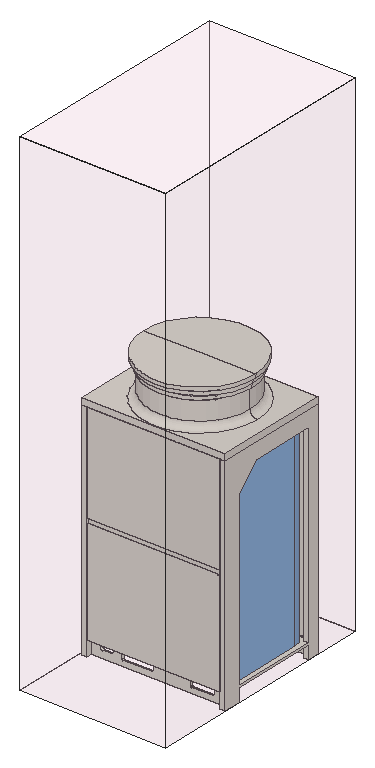
Revit family "BC_Hitachi_Air-365-Max_LOD400", category Equipement de génie climatique, Revit 2018
Family settings
  Cote de connecteur circulaire = Utiliser le diamètre
  Classification = Aucun
  Type d'élément = Normal
  Basée sur le plan de construction = Non
  Toujours verticalement = Oui
  Couper avec des vides une fois chargée = Non
  Partagée = Non
  Point de calcul de pièce = Non
Parameters (values of type "RAS-10FSXNS2E")
  Void offset V = 12 mm
  Void offset H = 0 mm
  Uniformat code = "D3040"
  Uniformat = "Distribution Systems"
  Sound Power (Heating) = 80
  Sound Power (Cooling) = 79
  Service space [instance] = yes
  Second outlet = no
  Refrigerant Type = "R410a"
  Reference description = "OU Top Flow HP / HR 10,0 HP (28,0 kW) 400V/3 phase"
  Reference = "RAS-10FSXNS2E"
  Product Code = "7E335011"
  Overall width = 948 mm
  Overall height = 1793 mm
  Overall depth = 770 mm
  Outlet offset = 0 mm
  OmniClass description = "Air Conditioners"
  OmniClass code = "23-33 39 11"
  Object type = ""
  Number of Poles = 3
  Nominal Voltage = 400 V
  Nominal Heating Capacity = 28000 W
  Nominal Current = 20 A
  Nominal Cooling Capacity = 28000 W
  Name BIM&CO = "Outdoor Unit"
  Modèle = "Air 365 Max"
  Masterformat Code = "23 81 26"
  MasterFormat = "Split-System Air-Conditioners"
  Mass = 203.00 kg
  Manufacturer Product Link = ""
  Manufacturer = "Hitachi Air Conditioning Europe SAS"
  Low Pressure Gas Diameter = 22.2 mm
  Liquid pipe (inch) = "3/8"
  Liquid Diameter = 9.52 mm
  High Pressure Gas Diameter = 19.05 mm
  Gross Weight = 208.00 kg
  GTIN (Global Trade Item Number) = ""
  Frequency = 50 Hz
  Energy efficiency ratio (EER) = 3.41
  Diameter 1 = yes
  Description = "Heat pump and Heat recovery modular top flow outdoors"
  Compressor type = "Hermetic (vapor-injection scroll compressor )"
  Color = "L*=79.39, a*=0.00, b*=4.69*"
  Coefficient of Performance (COP) = 4.34
  BC_VARIANT_ID = "783693"
  BC_OBJECT_VERSION = "#6"  # constant formula
  BC_OBJECT_ID = "317346"  # constant formula
  BC_MODEL_ID = "1040496"  # constant formula
Types (9, lengths in mm): name | Void offset V | Void offset H | Sound Power (Heating) | Sound Power (Cooling) | Second outlet | Reference description | Reference | Product Code | Overall width | Outlet offset | Nominal Heating Capacity | Nominal Current | Nominal Cooling Capacity | Mass | Low Pressure Gas Diameter | Liquid pipe (inch) | Liquid Diameter | High Pressure Gas Diameter | Gross Weight | Energy efficiency ratio (EER) | Diameter 1 | Coefficient of Performance (COP) | BC_VARIANT_ID
  RAS-8FSXNS2E | 12 | 0 | 78 | 77 | no | "OU Top Flow HP / HR 8,0 HP (22,4 kW) 400V/3 phase" | "RAS-8FSXNS2E" | "7E335010" | 948 | 0 | 22400 W | 16.1 A | 22400 W | 197.00 kg | 19.05 | "3/8" | 9.52 | 15.88 | 203.00 kg | 3.57 | yes | 4.62 | "783692"
  RAS-10FSXNS2E | 12 | 0 | 80 | 79 | no | "OU Top Flow HP / HR 10,0 HP (28,0 kW) 400V/3 phase" | "RAS-10FSXNS2E" | "7E335011" | 948 | 0 | 28000 W | 20 A | 28000 W | 203.00 kg | 22.2 | "3/8" | 9.52 | 19.05 | 208.00 kg | 3.41 | yes | 4.34 | "783693"
  RAS-12FSXNS2E | 12 | 0 | 83 | 82 | no | "OU Top Flow HP / HR 12,0 HP (33,5 kW) 400V/3 phase" | "RAS-12FSXNS2E" | "7E335012" | 948 | 0 | 33500 W | 23.3 A | 33500 W | 217.00 kg | 25.4 | "1/2" | 12.7 | 22.2 | 225.00 kg | 3.21 | yes | 3.34 | "783709"
  RAS-14FSXNS2E | 12 | 0 | 80 | 81 | yes | "OU Top Flow HP / HR 14,0 HP (40,0 kW) 400V/3 phase" | "RAS-14FSXNS2E" | "7E335030" | 1208 | 302 | 40000 W | 27.7 A | 40000 W | 271.00 kg | 25.4 | "1/2" | 12.7 | 22.2 | 280.00 kg | 2.52 | no | 3.86 | "783710"
  RAS-16FSXNS2E | 12 | 0 | 82 | 83 | yes | "OU Top Flow HP / HR 16,0 HP (45,0 kW) 400V/3 phase" | "RAS-16FSXNS2E" | "7E335031" | 1208 | 302 | 45000 W | 32.7 A | 45000 W | 272.00 kg | 28.58 | "1/2" | 12.7 | 22.2 | 281.00 kg | 2.64 | no | 4.04 | "783711"
  RAS-18FSXNS2E | 12 | 0 | 86 | 85 | yes | "OU Top Flow HP / HR 18,0 HP (50,0 kW) 400V/3 phase" | "RAS-18FSXNS2E" | "7E335032" | 1208 | 302 | 50000 W | 39.7 A | 50000 W | 272.00 kg | 28.58 | "5/8" | 15.88 | 22.2 | 281.00 kg | 2.84 | no | 3 | "783712"
  RAS-20FSXNS2E | 0 | 365.1 | 85 | 84 | yes | "OU Top Flow HP / HR 20,0 HP (56,0 kW) 400V/3 phase" | "RAS-20FSXNS2E" | "7E335039" | 1598 | 399.5 | 56000 W | 40 A | 56000 W | 350.00 kg | 28.58 | "5/8" | 15.88 | 22.2 | 361.00 kg | 2.84 | yes | 3.5 | "783713"
  RAS-22FSXNS2E | 0 | 365.1 | 85 | 84 | yes | "OU Top Flow HP / HR 22,0 HP (61,5 kW) 400V/3 phase" | "RAS-22FSXNS2E" | "7E335051" | 1598 | 399.5 | 61500 W | 42.7 A | 61500 W | 350.00 kg | 28.58 | "5/8" | 15.88 | 25.4 | 361.00 kg | 2.73 | yes | 3.36 | "783714"
  RAS-24FSXNS2E | 0 | 365.1 | 86 | 85 | yes | "OU Top Flow HP / HR 24,0 HP (67,0 kW) 400V/3 phase" | "RAS-24FSXNS2E" | "7E335040" | 1598 | 399.5 | 67000 W | 53 A | 67000 W | 350.00 kg | 28.58 | "5/8" | 15.88 | 25.4 | 386.00 kg | 2.72 | yes | 3.47 | "783715"
Reference planes
  plane 1 "Centre (avant/arrière)": y = 0
  plane 2: z = 0
  plane 3 "Centre (gauche/droite)": x = 0
  plane 4: x = -474
  plane 5: x = 474
  plane 6: z = 1793
  plane 7: x = 0
  plane 8 "Air outlet": z = 1525.486
  plane 9 "Back": y = 385
  plane 10 "Front": y = -385
  plane 11: x = -440
  plane 12: x = 440
  plane 13: z = 1486
  plane 14: x = -439.6
  plane 15: x = 439.6
  plane 16: x = 0
  plane 17: x = 439.6
  plane 18: y = -392.5
  plane 19: y = -397
  plane 20: x = -249.201
  plane 21: x = -168.042
  plane 22: x = -103.301
  plane 23: x = -369.6
Forms (mm)
  Extrusion 1, solid, material "Hitach_Set-Free-Material"
    sketch origin (0, 0, 0) x (0, 1, 0) y (0, 0, 1)
      loop
        line (385, 0) -> (385, 1486) -> (-385, 1486) -> (-385, 0) -> (-271.421, 0) -> (-271.421, 1238.579) -> (-130, 1380) -> (310, 1380) -> (310, 0) -> (385, 0)
    from 440 to 474
  Extrusion 2, solid, material "Hitach_Set-Free-Material"
    sketch origin (0, 0, 0) x (1, 0, 0) y (0, 1, 0)
      loop
        line (-474, 385) -> (-474, -385) -> (474, -385) -> (474, 385) -> (-474, 385)
    from 1486 to 1525.486
  Extrusion 3, solid, material "Hitach_Set-Free-Material"
    sketch origin (0, 0, 0) x (1, 0, 0) y (0, 1, 0)
      loop
        line (440, 310) -> (440, 345) -> (-440, 345) -> (-440, 310) -> (-474, 310) -> (-474, -271.421) -> (-440, -271.421) -> (-440, -338.565) -> (440, -338.565) -> (440, -271.421) -> (474, -271.421) -> (474, 310) -> (440, 310)
    from 87.244 to 100
  Extrusion 4, solid, material "Hitach_Set-Free-Material"
    sketch origin (0, 0, 0) x (0, 1, 0) y (0, 0, -1)
      loop
        line (385, 0) -> (310, 0) -> (310, -1380) -> (-130, -1380) -> (-271.421, -1238.579) -> (-271.421, 0) -> (-385, 0) -> (-385, -1486) -> (385, -1486) -> (385, 0)
    from 440 to 474
  Extrusion 5, solid, material "Hitach_Set-Free-Material"
    sketch origin (0, 0, 0) x (0, 1, 0) y (0, 0, 1)
      loop
        line (-385, 1485.6) -> (-385, 100) -> (-345, 100) -> (-345, 1485.6) -> (-385, 1485.6)
      loop
        line (345, 1485.6) -> (345, 87.244) -> (385, 87.244) -> (385, 1485.6) -> (345, 1485.6)
    from -439.6 to 439.6
  Extrusion 6, solid, material "Hitach_Set-Free-Material-Blue"
    sketch origin (0, 0, 0) x (1, 0, 0) y (0, 1, 0)
      loop
        arc (-340, 338.565) -> (-410.711, 309.276) -> (-440, 238.565) r 100
        line (-440, 238.565) -> (-440, -245)
        arc (-440, -245) -> (-410.711, -315.711) -> (-340, -345) r 100
        line (-340, -345) -> (340, -345)
        arc (340, -345) -> (410.711, -315.711) -> (440, -245) r 100
        line (440, -245) -> (440, 238.565)
        arc (440, 238.565) -> (410.711, 309.276) -> (340, 338.565) r 100
        line (340, 338.565) -> (-340, 338.565)
    from 100 to 1414.987
  Extrusion 7, void
    sketch origin (0, 0, 0) x (0, 1, 0) y (0, 0, 1)
      loop
        line (-380.5, 824) -> (-385, 824) -> (-385, 795) -> (-380.5, 795) -> (-380.5, 824)
    from -439.6 to 439.6
  Extrusion 8, void
    sketch origin (0, 0, 0) x (1, 0, 0) y (0, 1, 0)
      loop
        line (0, -392.5) -> (0, -397) -> (14.5, -397) -> (14.5, -392.5) -> (0, -392.5)
    from 100 to 1486
  Extrusion 9, solid, not visible
    sketch origin (0, -385, 0) x (0, 0, 1) y (1, 0, 0)
      loop
        circle (284.561, -249.201) r 35
      loop
        circle (290.804, -168.042) r 25
      loop
        circle (291.062, -103.301) r 15
    from 0 to 4.5
  Extrusion 10, solid, not visible
    sketch origin (0, -385, 0) x (0, 0, 1) y (1, 0, 0)
      loop
        circle (885.725, -369.6) r 25
    from 0 to 4.5
  Extrusion 11, solid, material "CALC_Zone de maintenance", visible <- "Service space"
    sketch origin (0, 0, 0) x (1, 0, 0) y (0, 1, 0)
      loop
        line (-484, 685) -> (-484, -885) -> (484, -885) -> (484, 685) -> (-484, 685)
    from 0 to 3293
Cuts and joins
  Extrusion 7, Extrusion 8 cuts Extrusion 5
  joined: Extrusion 1, Extrusion 3, Extrusion 4, Extrusion 5
Lines and regions (mm)
  model lines
    curve 1: line (-439.6, -385, 330) -> (-49.6, -385, 330)
    curve 2: line (-15, -385, 100) -> (-15, -385, 295.4)
    curve 3: arc (-49.6, -385, 330) -> (-25.134, -385, 319.866) -> (-15, -385, 295.4) r 34.6
    curve 4: line (-236.094, -385, 229.415) -> (-106.094, -385, 229.415)
    curve 5: line (-236.094, -385, 129.415) -> (-236.094, -385, 229.415)
    curve 6: line (-106.094, -385, 129.415) -> (-236.094, -385, 129.415)
    curve 7: line (-106.094, -385, 229.415) -> (-106.094, -385, 129.415)
    curve 8: line (-93.025, -385, 229.415) -> (-25.393, -385, 229.415)
    curve 9: line (-93.025, -385, 129.415) -> (-93.025, -385, 229.415)
    curve 10: line (-25.393, -385, 129.415) -> (-93.025, -385, 129.415)
    curve 11: line (-25.393, -385, 229.415) -> (-25.393, -385, 129.415)
    curve 12: circle (-249.201, -385, 284.561) r 35 normal (0, 1, 0)
    curve 13: circle (-168.042, -385, 290.804) r 25 normal (0, 1, 0)
    curve 14: circle (-103.301, -385, 291.062) r 15 normal (0, 1, 0)
Dimensions and locks
  equal spacing: plane 5, plane 3 "Centre (gauche/droite)", plane 4
  "Overall width": plane 5 to plane 4
  "Overall height": plane 6 to plane 2
  locked: plane 11 to plane 4 at 34
  locked: plane 12 to plane 5 at 34
  locked: plane 14 to plane 11 at 0.4
  locked: plane 15 to plane 12 at 0.4
  "Outlet offset": plane 7 to plane 3 "Centre (gauche/droite)"
  "Outlet offset": plane 3 "Centre (gauche/droite)" to plane 16
  curve 2 to curve 11 to curve 9 to curve 7 to curve 5 to plane 14 = 10.393 mm locked, 67.632 mm locked, 13.068 mm locked, 130 mm locked, 203.506 mm locked
  "Void offset H": plane 15 to plane 17
  locked: plane 18 to plane 19 at 4.5
  "Void offset V": plane 10 "Front" to plane 19
  locked: plane 20 to plane 14 at 190.399
  locked: plane 21 to plane 20 at 81.159
  locked: plane 22 to plane 21 at 64.741
  locked: plane 23 to plane 14 at 70
  locked: Extrusion 11 sketch curve to plane 4 at 10
  locked: Extrusion 11 sketch curve to plane 9 "Back" at 300
  locked: plane 10 "Front" to Extrusion 11 sketch curve at 500
  locked: plane 5 to Extrusion 11 sketch curve at 10
  radius of curve 3 = 34.6 mm
  diameter of Extrusion 9 sketch curve = 70 mm
  diameter of Extrusion 9 sketch curve = 50 mm
  diameter of Extrusion 9 sketch curve = 30 mm
  aligned and locked: level to plane 2
  aligned and locked: nested 1 to plane 8 "Air outlet"
  aligned and locked: plane 7 to nested 1
  aligned and locked: plane 1 "Centre (avant/arrière)" to nested 1
  aligned and locked: Extrusion 2 sketch curve to plane 9 "Back"
  aligned and locked: plane 5 to Extrusion 2 sketch curve
  aligned and locked: plane 10 "Front" to Extrusion 2 sketch curve
  aligned and locked: plane 4 to Extrusion 2 sketch curve
  aligned and locked: plane 5 to Extrusion 3 sketch curve
  aligned and locked: plane 4 to Extrusion 3 sketch curve
  aligned and locked: Extrusion 4 to plane 4
  aligned and locked: plane 10 "Front" to Extrusion 5 sketch curve
  aligned and locked: Extrusion 5 sketch curve to plane 9 "Back"
  aligned and locked: Extrusion 5 to plane 14
  aligned and locked: Extrusion 5 to plane 15
  aligned and locked: Extrusion 3 sketch curve to plane 12
  aligned and locked: Extrusion 3 sketch curve to plane 11  (x2)
  aligned and locked: plane 12 to Extrusion 3 sketch curve
  aligned and locked: nested 2 to plane 16
  aligned and locked: plane 1 "Centre (avant/arrière)" to nested 2
  aligned and locked: cut or joined group of Extrusion 1, Extrusion 3, Extrusion 4, Extrusion 5, Extrusion 7, Extrusion 8 to plane 5
  aligned and locked: plane 11 to cut or joined group of Extrusion 1, Extrusion 3, Extrusion 4, Extrusion 5, Extrusion 7, Extrusion 8
  aligned and locked: plane 12 to cut or joined group of Extrusion 1, Extrusion 3, Extrusion 4, Extrusion 5, Extrusion 7, Extrusion 8
  aligned and locked: Extrusion 7 to plane 14
  aligned and locked: plane 17 to cut or joined group of Extrusion 1, Extrusion 3, Extrusion 4, Extrusion 5, Extrusion 7, Extrusion 8
  aligned and locked: plane 18 to Extrusion 8
  aligned and locked: Extrusion 8 to plane 19
  aligned and locked: plane 3 "Centre (gauche/droite)" to nested 3
  aligned and locked: plane 20 to Extrusion 9 sketch curve
  aligned and locked: plane 21 to Extrusion 9 sketch curve
  aligned and locked: plane 22 to Extrusion 9 sketch curve
Automatic sketch dimensions
  Extrusion 1 sketch curve to level = 0 mm  (x2)
  Extrusion 1 sketch curve to plane 10 "Front" = 0 mm
  Extrusion 1 sketch curve to plane 9 "Back" = 0 mm
  Extrusion 1 sketch curve to plane 13 = 0 mm
  Extrusion 1 sketch curve to Extrusion 1 sketch curve = 113.579 mm
  plane 1 "Centre (avant/arrière)" to Extrusion 1 sketch curve = 130 mm
  Extrusion 1 sketch curve to plane 9 "Back" = 75 mm
  Extrusion 1 sketch curve to plane 13 = 106 mm
  Extrusion 1 sketch curve to Extrusion 1 sketch curve = 0 mm
  Extrusion 1 sketch curve to Extrusion 1 sketch curve = 141.421 mm
  plane 10 "Front" to Extrusion 3 sketch curve = 46.435 mm
  Extrusion 3 sketch curve to Extrusion 3 sketch curve = 67.144 mm  (x2)
  Extrusion 3 sketch curve to plane 9 "Back" = 75 mm  (x2)
  Extrusion 3 sketch curve to Extrusion 3 sketch curve = 35 mm
  Extrusion 4 sketch curve to level = 0 mm  (x2)
  Extrusion 4 sketch curve to plane 10 "Front" = 0 mm
  Extrusion 4 sketch curve to plane 9 "Back" = 0 mm
  Extrusion 4 sketch curve to plane 13 = 0 mm
  Extrusion 4 sketch curve to Extrusion 4 sketch curve = 113.579 mm
  plane 1 "Centre (avant/arrière)" to Extrusion 4 sketch curve = 130 mm
  Extrusion 4 sketch curve to plane 9 "Back" = 75 mm
  Extrusion 4 sketch curve to plane 13 = 106 mm
  Extrusion 4 sketch curve to Extrusion 4 sketch curve = 0 mm
  Extrusion 4 sketch curve to Extrusion 4 sketch curve = 141.421 mm
  plane 10 "Front" to Extrusion 5 sketch curve = 40 mm
  Extrusion 5 sketch curve to plane 13 = 0.4 mm  (x2)
  Extrusion 5 sketch curve to Extrusion 5 sketch curve = 40 mm
  level to Extrusion 5 sketch curve = 100 mm
  level to Extrusion 5 sketch curve = 87.244 mm
  Extrusion 6 sketch curve to plane 11 = 0 mm
  Extrusion 6 sketch curve to plane 12 = 0 mm
  plane 10 "Front" to Extrusion 6 sketch curve = 40 mm
  plane 14 to Extrusion 6 sketch curve = 99.6 mm  (x2)
  plane 15 to Extrusion 6 sketch curve = 99.6 mm  (x2)
  Extrusion 6 sketch curve to plane 9 "Back" = 46.435 mm
  Extrusion 7 sketch curve to plane 10 "Front" = 0 mm
  Extrusion 7 sketch curve to Extrusion 7 sketch curve = 4.5 mm
  level to Extrusion 7 sketch curve = 795 mm
  Extrusion 7 sketch curve to Extrusion 7 sketch curve = 29 mm
  Extrusion 8 sketch curve to plane 10 "Front" = 12 mm
  Extrusion 8 sketch curve to plane 16 = 0 mm
  Extrusion 8 sketch curve to plane 18 = 0 mm
  Extrusion 8 sketch curve to Extrusion 8 sketch curve = 14.5 mm
  level to Extrusion 9 sketch curve = 284.561 mm
  Extrusion 9 sketch curve to Extrusion 9 sketch curve = 6.243 mm
  Extrusion 9 sketch curve to Extrusion 9 sketch curve = 0.258 mm
  Extrusion 10 sketch curve to plane 23 = 0 mm
  Extrusion 10 sketch curve to plane 13 = 600.275 mm
  curve 12 to plane 20 = 0 mm
  curve 13 to plane 21 = 0 mm
  curve 14 to plane 22 = 0 mm
  curve 1 to plane 14 = 0 mm
  level to curve 1 = 330 mm
  curve 14 to curve 3 = 4.338 mm
  curve 13 to curve 14 = 0.258 mm
  curve 12 to curve 13 = 6.243 mm
  curve 8 to curve 2 = 65.985 mm
  curve 4 to curve 8 = 0 mm
  curve 5 to curve 4 = 100 mm
  curve 9 to curve 6 = 0 mm
  curve 2 to curve 10 = 29.415 mm
  radius of Extrusion 10 sketch curve = 25 mm
  radius of curve 12 = 35 mm
  radius of curve 13 = 25 mm
  radius of curve 14 = 15 mm
Nested families
  nested 1: "Hitachi_Air-365-Max-Air-outlet" at (0, 0, 1525.486), type "Hitachi_Air-365-Max-Air-outlet"
    with Diameter 2 no, Diameter 1 yes
  nested 2: "Hitachi_Air-365-Max-Air-outlet" at (0, 0, 1525.486), visible <- "Second outlet", type "Hitachi_Air-365-Max-Air-outlet"
    with Diameter 2 no, Diameter 1 yes
  nested 3: "Hitachi_Air-365-Max-Forklift-profil" at (0, -338.573, 0), type "Hitachi_Air-365-Max-Forklift-profil"
    with Profil 2 no, Profil 1 yes, Length 948 mm
  nested 4: "Hitachi_Air-365-Max-Forklift-profil" at (0, 349.765, 0), type "Hitachi_Air-365-Max-Forklift-profil"
    with Profil 2 no, Profil 1 yes, Length 948 mm
Connectors
  piping at (-249.201, -385, 284.561), diameter 9.52, driven by "Liquid Diameter"
    settings: on Extrusion 9, index 1, connector inside diameter 609.6 mm, connector length 0 mm, flow factor 0, pipe flow 0.0 L/s, pressure drop 0.0 Pa, fitting loss kfactor 0, connector angle 0.00°, fixture units 0, engagement length 0 mm, angle of deflection 0.00°, flow configuration 0, flow direction 0, fitting loss method 0, system type 22, joint type 0, gender type 0, connector reference index -1, connector utility 0, adjustable connector no, is connector primary yes, connector description "Liquid Line Refrigerant Piping Connection"
  piping at (-168.042, -385, 290.804), diameter 19.05, driven by "High Pressure Gas Diameter"
    settings: on Extrusion 9, index 2, connector inside diameter 609.6 mm, connector length 0 mm, flow factor 0, pipe flow 0.0 L/s, pressure drop 0.0 Pa, fitting loss kfactor 0, connector angle 0.00°, fixture units 0, engagement length 0 mm, angle of deflection 0.00°, flow configuration 0, flow direction 0, fitting loss method 0, system type 22, joint type 0, gender type 0, connector reference index -1, connector utility 0, adjustable connector no, is connector primary no, connector description "Gas Line Refrigerant Piping Connection (High/Low Pressure)"
  piping at (-103.301, -385, 291.062), diameter 22.2, driven by "Low Pressure Gas Diameter"
    settings: on Extrusion 9, index 3, connector inside diameter 609.6 mm, connector length 0 mm, flow factor 0, pipe flow 0.0 L/s, pressure drop 0.0 Pa, fitting loss kfactor 0, connector angle 0.00°, fixture units 0, engagement length 0 mm, angle of deflection 0.00°, flow configuration 0, flow direction 0, fitting loss method 0, system type 22, joint type 0, gender type 0, connector reference index -1, connector utility 0, adjustable connector no, is connector primary no, connector description "Gas Line Refrigerant Piping Connection (Low Pressure)"
  electrical at (-369.6, -385, 885.725), driven by "Nominal Voltage"
    settings: on Extrusion 10, index 4, voltage 400 V, apparent load 0 VA, apparent load phase1 0 VA, apparent load phase2 0 VA, apparent load phase3 0 VA, power factor 1, load classification "Autre", number of poles 1, system type 31, power factor state 1, is connector primary yes, connector utility no, sub classification motor no, connector description ""
Definition of nested family "Hitachi_Air-365-Max-Air-outlet"
  Parameters (values of type "Hitachi_Air-365-Max-Air-outlet")
    Diameter 2 = not(Diameter 1)  # yes
    Diameter 1 = no
  Reference planes
    plane 1 "Centre (avant/arrière)": y = 0
    plane 2: z = 0
    plane 3 "Centre (gauche/droite)": x = 0
    plane 4 "Grid": z = 267.514
  Forms (mm)
    Revolve 1, solid, visible <- "Diameter 1"
      sketch origin (0, 0, -1525.486) x (1, 0, 0) y (0, 0, 1)
        loop
          line (0, 1793) -> (-370, 1793) -> (-370, 1768.845) -> (-352.857, 1758.948) -> (-352.857, 1733.948) -> (-344.197, 1728.948) -> (-344.197, 1703.948) -> (-331.206, 1696.448) -> (-331.206, 1571.448)
          arc (-331.206, 1571.448) -> (-344.668, 1538.948) -> (-377.168, 1525.486) r 45.962
          line (-377.168, 1525.486) -> (0, 1525.486) -> (0, 1793)
        axis (0, 1793) -> (0, 1525.486)
      angle from 0 to 360
    Revolve 2, solid, visible <- "Diameter 2"
      sketch origin (0, 0, -1525.486) x (1, 0, 0) y (0, 0, 1)
        loop
          line (0, 1793) -> (-294.832, 1793) -> (-294.832, 1768.845) -> (-277.689, 1758.948) -> (-277.689, 1733.948) -> (-269.028, 1728.948) -> (-269.028, 1703.948) -> (-256.038, 1696.448) -> (-256.038, 1571.448)
          arc (-256.038, 1571.448) -> (-269.5, 1538.948) -> (-302, 1525.486) r 45.962
          line (-302, 1525.486) -> (0, 1525.486) -> (0, 1793)
        axis (0, 1793) -> (0, 1525.486)
      angle from 0 to 360
  Lines and regions (mm)
    model lines
      curve 1: circle (0, 0, 267.514) r 90 normal (0, 0, 1)
      curve 2: circle (0, 0, 267.514) r 110 normal (0, 0, 1)
      curve 3: circle (0, 0, 267.514) r 130 normal (0, 0, 1)
      curve 4: circle (0, 0, 267.514) r 150 normal (0, 0, 1)
      curve 5: circle (0, 0, 267.514) r 170 normal (0, 0, 1)
      curve 6: circle (0, 0, 267.514) r 190 normal (0, 0, 1)
      curve 7: circle (0, 0, 267.514) r 210 normal (0, 0, 1)
      curve 8: circle (0, 0, 267.514) r 230 normal (0, 0, 1)
      curve 13: line (0, 90, 267.514) -> (0, 310, 267.514)
      curve 14: line (90, 0, 267.514) -> (310, 0, 267.514)
      curve 15: line (0, -90, 267.514) -> (0, -310, 267.514)
      curve 16: line (-90, 0, 267.514) -> (-310, 0, 267.514)
      curve 17: line (63.64, 63.64, 267.514) -> (219.203, 219.203, 267.514)
      curve 18: line (63.64, -63.64, 267.514) -> (219.203, -219.203, 267.514)
      curve 19: line (-63.64, -63.64, 267.514) -> (-219.203, -219.203, 267.514)
      curve 20: line (-63.64, 63.64, 267.514) -> (-219.203, 219.203, 267.514)
    model lines, visible <- "Diameter 1"
      curve 9: circle (0, 0, 267.514) r 250 normal (0, 0, 1)
      curve 10: circle (0, 0, 267.514) r 270 normal (0, 0, 1)
      curve 11: circle (0, 0, 267.514) r 290 normal (0, 0, 1)
      curve 12: circle (0, 0, 267.514) r 310 normal (0, 0, 1)
  Dimensions and locks
    aligned and locked: level to plane 2
Definition of nested family "Hitachi_Air-365-Max-Forklift-profil"
  Parameters (values of type "Hitachi_Air-365-Max-Forklift-profil")
    Profil 3 = if(Length = 1598 mm, 1 = 1, 1 = 0)  # no
    Profil 2 = if(Length = 1208 mm, 1 = 1, 1 = 0)  # yes
    Profil 1 = if(Length = 948 mm, 1 = 1, 1 = 0)  # no
    Length = 1208 mm
  Reference planes
    plane 1 "Centre (avant/arrière)": y = 0
    plane 2: z = 0
    plane 3 "Centre (gauche/droite)": x = 0
  Forms (mm)
    Extrusion 1, solid, visible <- "Profil 2"
      sketch origin (-163.882, 0, 0) x (1, 0, 0) y (0, 0, 1)
        loop
          arc (600.882, 87.244) -> (580.882, 67.244) -> (600.882, 47.244) r 20
          line (600.882, 47.244) -> (652.882, 47.244)
          arc (652.882, 47.244) -> (672.882, 67.244) -> (652.882, 87.244) r 20
          line (652.882, 87.244) -> (600.882, 87.244)
        loop
          arc (-267.118, 45.244) -> (-264.19, 38.173) -> (-257.118, 35.244) r 10
          line (-257.118, 35.244) -> (-67.118, 35.244)
          arc (-67.118, 35.244) -> (-60.047, 38.173) -> (-57.118, 45.244) r 10
          line (-57.118, 45.244) -> (-57.118, 77.244)
          arc (-57.118, 77.244) -> (-60.047, 84.315) -> (-67.118, 87.244) r 10
          line (-67.118, 87.244) -> (-257.118, 87.244)
          arc (-257.118, 87.244) -> (-264.19, 84.315) -> (-267.118, 77.244) r 10
          line (-267.118, 77.244) -> (-267.118, 45.244)
        loop
          arc (377.882, 45.244) -> (380.81, 38.173) -> (387.882, 35.244) r 10
          line (387.882, 35.244) -> (527.882, 35.244)
          arc (527.882, 35.244) -> (534.953, 38.173) -> (537.882, 45.244) r 10
          line (537.882, 45.244) -> (537.882, 77.244)
          arc (537.882, 77.244) -> (534.953, 84.315) -> (527.882, 87.244) r 10
          line (527.882, 87.244) -> (387.882, 87.244)
          arc (387.882, 87.244) -> (380.81, 84.315) -> (377.882, 77.244) r 10
          line (377.882, 77.244) -> (377.882, 45.244)
        loop
          line (-406.118, 0) -> (733.882, 0) -> (733.882, 100) -> (-406.118, 100) -> (-406.118, 0)
      from 0 to 11.2
    Extrusion 2, solid, visible <- "Profil 1"
      sketch origin (0, 0, 0) x (1, 0, 0) y (0, 0, 1)
        loop
          arc (-359, 87.244) -> (-379, 67.244) -> (-359, 47.244) r 20
          line (-359, 47.244) -> (-307, 47.244)
          arc (-307, 47.244) -> (-287, 67.244) -> (-307, 87.244) r 20
          line (-307, 87.244) -> (-359, 87.244)
        loop
          arc (-235, 45.244) -> (-232.071, 38.173) -> (-225, 35.244) r 10
          line (-225, 35.244) -> (-35, 35.244)
          arc (-35, 35.244) -> (-27.929, 38.173) -> (-25, 45.244) r 10
          line (-25, 45.244) -> (-25, 77.244)
          arc (-25, 77.244) -> (-27.929, 84.315) -> (-35, 87.244) r 10
          line (-35, 87.244) -> (-225, 87.244)
          arc (-225, 87.244) -> (-232.071, 84.315) -> (-235, 77.244) r 10
          line (-235, 77.244) -> (-235, 45.244)
        loop
          arc (219, 45.244) -> (221.929, 38.173) -> (229, 35.244) r 10
          line (229, 35.244) -> (369, 35.244)
          arc (369, 35.244) -> (376.071, 38.173) -> (379, 45.244) r 10
          line (379, 45.244) -> (379, 77.244)
          arc (379, 77.244) -> (376.071, 84.315) -> (369, 87.244) r 10
          line (369, 87.244) -> (229, 87.244)
          arc (229, 87.244) -> (221.929, 84.315) -> (219, 77.244) r 10
          line (219, 77.244) -> (219, 45.244)
        loop
          line (-440, 0) -> (440, 0) -> (440, 100) -> (-440, 100) -> (-440, 0)
      from 0 to 11.2
    Extrusion 3, solid, visible <- "Profil 3"
      sketch origin (-163.882, 0, 0) x (1, 0, 0) y (0, 0, 1)
        loop
          arc (795.382, 87.244) -> (775.382, 67.244) -> (795.382, 47.244) r 20
          line (795.382, 47.244) -> (847.382, 47.244)
          arc (847.382, 47.244) -> (867.382, 67.244) -> (847.382, 87.244) r 20
          line (847.382, 87.244) -> (795.382, 87.244)
        loop
          arc (-489.618, 45.244) -> (-486.69, 38.173) -> (-479.618, 35.244) r 10
          line (-479.618, 35.244) -> (-289.618, 35.244)
          arc (-289.618, 35.244) -> (-282.547, 38.173) -> (-279.618, 45.244) r 10
          line (-279.618, 45.244) -> (-279.618, 77.244)
          arc (-279.618, 77.244) -> (-282.547, 84.315) -> (-289.618, 87.244) r 10
          line (-289.618, 87.244) -> (-479.618, 87.244)
          arc (-479.618, 87.244) -> (-486.69, 84.315) -> (-489.618, 77.244) r 10
          line (-489.618, 77.244) -> (-489.618, 45.244)
        loop
          arc (451.382, 45.244) -> (454.31, 38.173) -> (461.382, 35.244) r 10
          line (461.382, 35.244) -> (601.382, 35.244)
          arc (601.382, 35.244) -> (608.453, 38.173) -> (611.382, 45.244) r 10
          line (611.382, 45.244) -> (611.382, 77.244)
          arc (611.382, 77.244) -> (608.453, 84.315) -> (601.382, 87.244) r 10
          line (601.382, 87.244) -> (461.382, 87.244)
          arc (461.382, 87.244) -> (454.31, 84.315) -> (451.382, 77.244) r 10
          line (451.382, 77.244) -> (451.382, 45.244)
        loop
          line (-601.618, 0) -> (929.382, 0) -> (929.382, 100) -> (-601.618, 100) -> (-601.618, 0)
        loop
          arc (-184.618, 45.244) -> (-181.69, 38.173) -> (-174.618, 35.244) r 10
          line (-174.618, 35.244) -> (-34.618, 35.244)
          arc (-34.618, 35.244) -> (-27.547, 38.173) -> (-24.618, 45.244) r 10
          line (-24.618, 45.244) -> (-24.618, 77.244)
          arc (-24.618, 77.244) -> (-27.547, 84.315) -> (-34.618, 87.244) r 10
          line (-34.618, 87.244) -> (-174.618, 87.244)
          arc (-174.618, 87.244) -> (-181.69, 84.315) -> (-184.618, 77.244) r 10
          line (-184.618, 77.244) -> (-184.618, 45.244)
      from 0 to 11.2
  Dimensions and locks
    aligned and locked: level to plane 2
